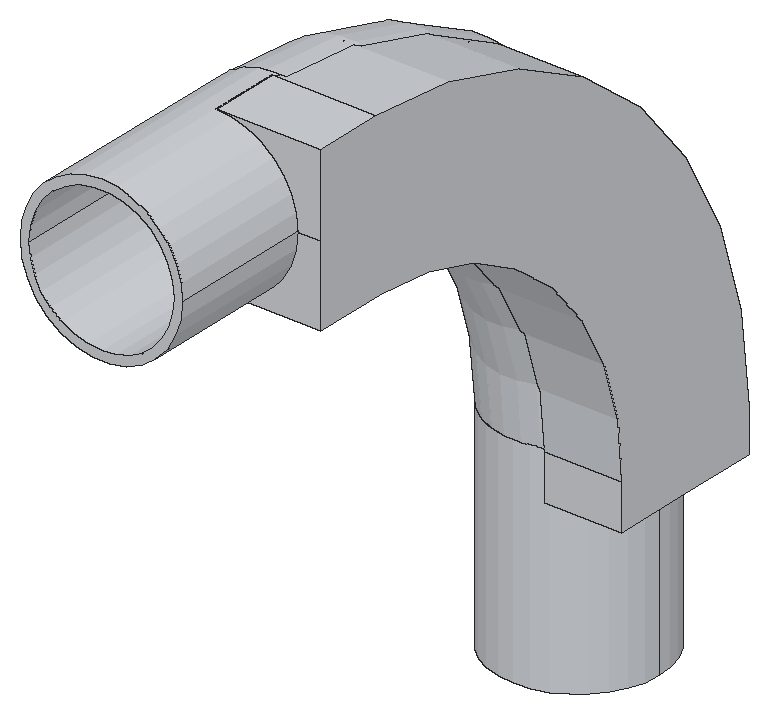
Revit family "PIB25B", category Generic Models, Revit 2017
Family settings
  Can host rebar = No
  Round Connector Dimension = Use Diameter
  Part Type = Normal
  Work Plane-Based = Yes
  Always vertical = No
  Cut with Voids When Loaded = No
  Shared = No
  Room Calculation Point = No
Parameters (values of type "NBS Standard Parameters")
  Weight = "0.0537Kg"
  WarrantyStartDate [instance] = "1900-12-31T23:59:59"
  WarrantyGuarantorParts = "n/a"
  WarrantyGuarantorLabor = "n/a"
  WarrantyDurationUnit = "1 year"
  WarrantyDurationParts = "n/a"
  WarrantyDurationLabor = "n/a"
  WarrantyDescription = "n/a"
  Version = "1"
  Uniclass2 = "Pr_65_70_11_20"
  TagNumber [instance] = "n/a"
  SustainabilityPerformance = "n/a"
  Size = "25mm"
  Shape = "Circular"
  SerialNumber [instance] = "n/a"
  Revision = "n/a"
  ReplacementCost = "n/a"
  ProductInformation = "www.metpro.co.uk/pdf/pib25w.pdf"
  NominalWidth = 115 mm
  NominalLength = 115 mm
  NominalHeight = 32 mm
  Name = ""
  NBSTypeID = ""
  NBSReference = "90-55-10/460"
  NBSOfficeMasterTag = ""
  NBSNote = ""
  NBSDescription = "Conduit Fittings"
  NBSCertification = ""
  ModelReference = "PIB25B"
  ModelNumber = "n/a"
  Material = "PVC"
  ManufacturerURL = "www.metpro.co.uk"
  ManufacturerName = "Metpro Ltd"
  Keynote = "Manufactured to BS4607 Part 1"
  InstallationDate [instance] = "1900-12-31T23:59:59"
  IfcExportType = ""
  IfcExportAs = ""
  Grade = "n/a"
  Finish = "Black"
  Features = "n/a"
  ExpectedLife = "n/a"
  DurationUnit = "year"
  Description = "PIB25B - PVC 25mm Conduit Inspection Bend"
  Default Elevation = 1219.2 mm
  Constituents = "n/a"
  Color = "n/a"
  CodePerformance = "n/a"
  Category = "n/a"
  BarCode [instance] = "n/a"
  BIMObjectName = "Metpro_metprolibrary_conduitfittings_PVCcomponent_accessory"
  Author = "Metpro Ltd"
  AssetType = ""
  AssetIdentifier [instance] = "n/a"
  AccessibilityPerformance = "n/a"
Reference planes
  plane 1 "Center (Front/Back)": y = 0
  plane 2: z = 0
  plane 3 "Center (Left/Right)": x = 0
Forms (mm)
  Sweep 1, solid
    path origin (-10609.448, 178.929, 19.232) x (0, 1, 0) y (0, 0, 1)
      loop
        line (-18.392, 33.336) -> (19.108, 33.336)
        arc (19.108, 33.336) -> (65.07, 14.298) -> (84.108, -31.664) r 65
        line (84.108, -31.664) -> (84.108, -69.164)
    profile origin (-10609.448, 179.288, 52.568) x (0, 0, 1) y (1, 0, 0)
      loop
        circle (0, 0) r 14
      loop
        circle (0, 0) r 12.5
  Extrusion 2, solid
    sketch origin (-10609.448, 178.929, 19.232) x (0, 1, 0) y (0, 0, 1)
      loop
        line (6.202, 47.336) -> (6.202, 33.336) -> (6.202, 19.479) -> (19.249, 19.479)
        arc (19.249, 19.479) -> (55.806, 4.336) -> (70.949, -32.221) r 51.7
        line (70.949, -32.221) -> (70.949, -39.979) -> (84.108, -39.979) -> (98.108, -39.979) -> (98.108, -32.664)
        arc (98.108, -32.664) -> (74.677, 23.904) -> (18.108, 47.336) r 80
        line (18.108, 47.336) -> (6.202, 47.336)
    from 0 to 18
  Sweep 3, void
    path origin (-10609.448, 178.929, 19.232) x (0, 1, 0) y (0, 0, 1)
      loop
        line (-18.392, 33.336) -> (19.108, 33.336)
        arc (19.108, 33.336) -> (65.07, 14.298) -> (84.108, -31.664) r 65
        line (84.108, -31.664) -> (84.108, -69.164)
    profile origin (-10609.448, 179.288, 52.568) x (0, 0, 1) y (1, 0, 0)
      loop
        circle (0, 0) r 12.5
Cuts and joins
  Sweep 3 cuts Sweep 1
  Sweep 3 cuts Extrusion 2
Dimensions and locks
  aligned and locked: level to plane 2
